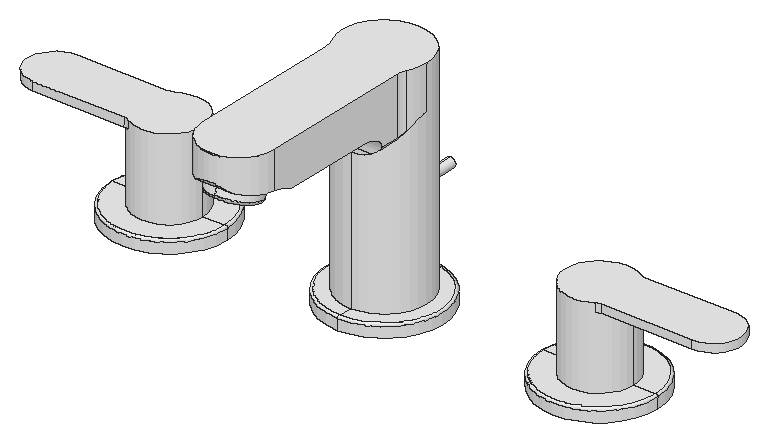
Revit family "Faucet-Lavatory-Grohe-Eurosmart_Cosmopolitan-2019900_Series", category Plumbing Fixtures, Revit 2014
Parameters (values of type "20199000")
  cUPC Compliant = yes
  Width = 3 1/2"  # constant formula
  Waste Connection = no
  Warranty Documentation Link = "https://cdn.cloud.grohe.com/tpi/1000/1900/1940/1949/1949006/original/1949006.pdf"
  WFU = 0
  Vent Connection = no
  URL = "http://www.grohe.com/ca-en/"
  Shipping Weight = 5.39 lbf
  Product Page URL = "https://www.grohe.com/ca-en/6436/bathroom/bathroom-faucets/eurosmart-cosmopolitan/product-details/?product=20199-G267&color=000&material=20199000"
  Price = "Prices may vary. Please consult Manufacturer Representative for most up-to-date price list."  # constant formula
  Model = "20199000"
  Material = "Metal-Grohe-000-Chrome"
  Manufacturer = "Grohe"
  Length = 8"
  Installation Type = "Deck-Mounted"
  Hot Water Connection Radius = 3/16"
  Hot Water Connection Diameter = 3/8"
  Height = 4 1/4"  # constant formula
  HWFU = 1.5
  HW Connection = yes
  Flow Rate = "1.5 gpm (5.7 L/min)"
  Finish = Metal-Grohe-000-Chrome
  Description = "Eurosmart Cosmopolitan 3-hole wash-basin mixer S-Size."
  Default Elevation = 0"
  Creation Date = "1/20/2017"  # constant formula
  Cold Water Connection Radius = 3/16"
  Cold Water Connection Diameter = Cold Water Connection Radius * 2  # 3/8"
  CalGreen Compliant = yes
  CWFU = 1.5
  CW Connection = yes
  Assembly Code = "D2020300"
  ADA Compliant = yes
Types (3): name | Product Page URL | Model | Material | Flow Rate | Finish
  (no name) | "https://www.grohe.com/ca-en/6436/bathroom/bathroom-faucets/eurosmart-cosmopolitan/product-details/?product=20199-G267&color=000&material=20199000" | "20199000" | "Metal-Grohe-000-Chrome" | "1.5 gpm (5.7 L/min)" | Metal-Grohe-000-Chrome
  20199000 | "https://www.grohe.com/ca-en/6436/bathroom/bathroom-faucets/eurosmart-cosmopolitan/product-details/?product=20199-G267&color=000&material=20199000" | "20199000" | "Metal-Grohe-000-Chrome" | "1.5 gpm (5.7 L/min)" | Metal-Grohe-000-Chrome
  2019900A | "https://www.grohe.com/ca-en/6436/bathroom/bathroom-faucets/eurosmart-cosmopolitan/product-details/?product=20199-G267&color=00A&material=2019900A" | "2019900A" | "Metal-Grohe-00A-Chrome" | "1.2 gpm (4.56 L/min)" | Metal-Grohe-00A-Chrome
Reference planes (in)
  plane 1 "Center (Front/Back)": y = 0
  plane 2: z = 0
  plane 3 "Center (Left/Right)": x = 0
  plane 4: x = 4
  plane 5: x = -4
  plane 6: x = -2.90625
  plane 7: x = -5.09375
  plane 8: x = 1.09375
  plane 9: x = -1.09375
  plane 10: z = 1.75
  plane 11: x = -6.625
  plane 12: x = -0.81909
  plane 13: x = 0.81909
  plane 14: x = 2.90625
  plane 15: x = 5.09375
  plane 16: x = 6.625
  plane 17: z = 2.8485
  plane 18: y = -3.5
  plane 19: z = 4.25
Forms (in)
  Revolve 1, solid, material "Metal-Grohe-000-Chrome" <- "Finish"
    sketch origin (0, 0, 0) x (1, 0, 0) y (0, 0, 1)
      loop
        line (-4, 0) -> (-2.91764, 0) -> (-2.91764, 0.19551)
        arc (-2.91764, 0.19551) -> (-2.92956, 0.2243) -> (-2.95835, 0.23622) r 0.04071
        line (-2.95835, 0.23622) -> (-3.37061, 0.23622) -> (-3.37061, 1.73826) -> (-4, 1.73826) -> (-4, 0)
      axis (-4, 1.73826) -> (-4, 0)
    angle from 0 to 360
  Extrusion 2, solid, material "Metal-Grohe-000-Chrome" <- "Finish"
    sketch origin (0, 0, 0) x (1, 0, 0) y (0, 1, 0)
      loop
        arc (-4.33753, -0.53124) -> (-3.37061, -0.00003) -> (-4.33747, 0.53127) r 0.62939
        arc (-4.33747, 0.53127) -> (-4.38171, 0.51128) -> (-4.42978, 0.50443) r 0.17215
        line (-4.42978, 0.50443) -> (-6.12036, 0.50443)
        arc (-6.12036, 0.50443) -> (-6.62479, 0) -> (-6.12036, -0.50443) r 0.50443
        line (-6.12036, -0.50443) -> (-4.4297, -0.50443)
        arc (-4.4297, -0.50443) -> (-4.3817, -0.51127) -> (-4.33753, -0.53124) r 0.17188
    from 1.58742 to 1.73826
  Extrusion 3, void
    sketch origin (0, 0, 0) x (1, 0, 0) y (0, 0, 1)
      loop
        arc (0.81909, 3.66749) -> (0, 2.8484) -> (-0.81909, 3.66749) r 0.81909
        line (-0.81909, 3.66749) -> (-0.81909, 2.57888) -> (0.81909, 2.57888) -> (0.81909, 3.66749)
    from 0 to 5.88021
  Sweep 4, solid, material "Metal-Grohe-000-Chrome" <- "Finish"
    path origin (0, -0.03125, 0.71875) x (0, 1, 0) y (0, 0, 1)
      loop
        line (1.57083, 0.92205) -> (1.05692, 0.92205)
        arc (1.05692, 0.92205) -> (0.97549, 0.89519) -> (0.92601, 0.82517) r 0.1369
        line (0.92601, 0.82517) -> (0.60027, -0.24025)
    profile origin (0, 1.28262, 1.6408) x (0, 0, -1) y (1, 0, 0)
      loop
        circle (0, 0) r 0.09054
  Extrusion 5, void
    sketch origin (0, 6.75, 0) x (0, 1, 0) y (0, 0, 1)
      loop
        line (-10.769, 4.25) -> (-6.75, 4.25) -> (-6.75, 4.55384) -> (-13.15693, 4.55384) -> (-13.15693, 2.78637) -> (-7.54609, 2.78637) -> (-7.54609, 2.95563)
        arc (-7.54609, 2.95563) -> (-7.68363, 3.28768) -> (-8.01568, 3.42522) r 0.46959
        line (-8.01568, 3.42522) -> (-9.71552, 3.42522)
        arc (-9.71552, 3.42522) -> (-9.88574, 3.5064) -> (-10.06829, 3.55372) r 0.9871
        arc (-10.06829, 3.55372) -> (-10.34331, 3.58898) -> (-10.61668, 3.63535) r 6.84363
        arc (-10.61668, 3.63535) -> (-10.7625, 3.72155) -> (-10.81989, 3.88093) r 0.25
        line (-10.81989, 3.88093) -> (-10.81989, 4.19911)
        arc (-10.81989, 4.19911) -> (-10.80498, 4.23509) -> (-10.769, 4.25) r 0.05089
    from -1.04996 to 1.17237
  Revolve 6, solid, material "Metal-Grohe-000-Chrome" <- "Finish"
    sketch origin (0, 6.75, 0) x (0, 1, 0) y (0, 0, 1)
      loop
        line (-5.96251, 0.23622) -> (-5.96251, 4.25) -> (-6.75, 4.25) -> (-6.75, 0) -> (-5.66722, 0) -> (-5.66722, 0.19551)
        arc (-5.66722, 0.19551) -> (-5.67915, 0.2243) -> (-5.70794, 0.23622) r 0.04071
        line (-5.70794, 0.23622) -> (-5.96251, 0.23622)
      axis (-6.75, 4.25) -> (-6.75, 0)
    angle from 0 to 360
  Extrusion 7, void
    sketch origin (0, 0, 0) x (1, 0, 0) y (0, 1, 0)
      loop
        arc (0.69873, -0.36319) -> (0, 0.78749) -> (-0.69873, -0.36319) r 0.78749
        arc (-0.69873, -0.36319) -> (-0.66691, -0.44787) -> (-0.65609, -0.53768) r 0.37834
        line (-0.65609, -0.53768) -> (-0.65609, -3.39215)
        arc (-0.65609, -3.39215) -> (0, -4.04824) -> (0.65609, -3.39215) r 0.65609
        line (0.65609, -3.39215) -> (0.65609, -0.53768)
        arc (0.65609, -0.53768) -> (0.66691, -0.44787) -> (0.69873, -0.36319) r 0.37834
      loop
        line (1.09375, -4.375) -> (1.09375, 1.14286) -> (-1.29524, 1.14286) -> (-1.29524, -4.375) -> (1.09375, -4.375)
    from 2.57888 to 4.55384
  Extrusion 8, solid, material "Metal-Grohe-000-Chrome" <- "Finish"
    sketch origin (0, 0, 0) x (1, 0, 0) y (0, 1, 0)
      loop
        line (-0.78749, 0) -> (-0.78749, -5.125) -> (0.78749, -5.125) -> (0.78749, 0) -> (-0.78749, 0)
    from 2.8485 to 4.25
  Revolve 9, solid, material "Metal-Grohe-000-Chrome" <- "Finish"
    sketch origin (0, 0, 0) x (-1, 0, 0) y (0, 0, 1)
      loop
        line (-4, 0) -> (-2.91764, 0) -> (-2.91764, 0.19551)
        arc (-2.91764, 0.19551) -> (-2.92956, 0.2243) -> (-2.95835, 0.23622) r 0.04071
        line (-2.95835, 0.23622) -> (-3.37061, 0.23622) -> (-3.37061, 1.73826) -> (-4, 1.73826) -> (-4, 0)
      axis (-4, 1.73826) -> (-4, 0)
    angle from 0 to 360
  Extrusion 10, solid, material "Metal-Grohe-000-Chrome" <- "Finish"
    sketch origin (0, 0, 0) x (-1, 0, 0) y (0, -1, 0)
      loop
        arc (-4.33753, 0.53124) -> (-4.3817, 0.51127) -> (-4.4297, 0.50443) r 0.17188
        line (-4.4297, 0.50443) -> (-6.12036, 0.50443)
        arc (-6.12036, 0.50443) -> (-6.62479, 0) -> (-6.12036, -0.50443) r 0.50443
        line (-6.12036, -0.50443) -> (-4.42978, -0.50443)
        arc (-4.42978, -0.50443) -> (-4.38171, -0.51128) -> (-4.33747, -0.53127) r 0.17215
        arc (-4.33747, -0.53127) -> (-3.37061, 0.00003) -> (-4.33753, 0.53124) r 0.62939
    from 1.58742 to 1.73826
  Revolve 11, solid, material "Metal-Grohe-000-Chrome" <- "Finish"
    sketch origin (0, 1.58594, 0.24219) x (0, 1, 0) y (0, 0, 1)
      loop
        line (-4.53734, 3.31126) -> (-4.98161, 3.44708) -> (-5.09178, 3.08674) -> (-4.7861, 2.98148) -> (-4.77696, 3.01137) -> (-4.74741, 3.00119) -> (-4.75655, 2.97131) -> (-4.69849, 2.95356)
        arc (-4.69849, 2.95356) -> (-4.66076, 2.95719) -> (-4.63665, 2.98644) r 0.04952
        line (-4.63665, 2.98644) -> (-4.53734, 3.31126)
      axis (-5.0954, 3.0749) -> (-4.98161, 3.44708)
    angle from 0 to 360
Cuts and joins
  Extrusion 3, Extrusion 5, Extrusion 7 cuts Extrusion 8
  joined: Revolve 1, Extrusion 2, Sweep 4, Revolve 6, Extrusion 8, Revolve 9, Extrusion 10, Revolve 11
Lines and regions (in)
  Masking region 1
    outline origin (0, 0, 0) x (1, 0, 0) y (0, 1, 0)
      loop
        arc (-4.95763, -0.50443) -> (-2.91764, 0) -> (-4.95763, 0.50443) r 1.08236
        line (-4.95763, 0.50443) -> (-6.12036, 0.50443)
        arc (-6.12036, 0.50443) -> (-6.62479, 0) -> (-6.12036, -0.50443) r 0.50443
        line (-6.12036, -0.50443) -> (-4.95763, -0.50443)
      loop
        line (0.65609, -3.39215) -> (0.65609, -0.87512)
        arc (0.65609, -0.87512) -> (1.05109, 0.3025) -> (0.09054, 1.09) r 1.09375
        line (0.09054, 1.09) -> (0.09054, 1.53958) -> (-0.09054, 1.53958) -> (-0.09054, 1.09)
        arc (-0.09054, 1.09) -> (-1.05109, 0.3025) -> (-0.65609, -0.87512) r 1.09375
        line (-0.65609, -0.87512) -> (-0.65609, -3.39215)
        arc (-0.65609, -3.39215) -> (0, -4.04824) -> (0.65609, -3.39215) r 0.65609
      loop
        line (4.95763, -0.50443) -> (6.12036, -0.50443)
        arc (6.12036, -0.50443) -> (6.62479, 0) -> (6.12036, 0.50443) r 0.50443
        line (6.12036, 0.50443) -> (4.95763, 0.50443)
        arc (4.95763, 0.50443) -> (2.91764, 0) -> (4.95763, -0.50443) r 1.08236
  symbolic lines, detail levels medium+fine
    curve 1: arc (-4.33747, -0.53127, 0) -> (-3.37061, 0, 0) -> (-4.33747, 0.53127, 0) r 0.62939
    curve 2: arc (-4.33747, 0.53127, 0) -> (-4.38171, 0.51128, 0) -> (-4.42978, 0.50443, 0) r 0.17215
    curve 3: line (-4.42978, 0.50443, 0) -> (-4.95763, 0.50443, 0)
    curve 4: arc (-4.33747, -0.53127, 0) -> (-4.38171, -0.51128, 0) -> (-4.42978, -0.50443, 0) r 0.17215
    curve 5: line (-4.42978, -0.50443, 0) -> (-4.95763, -0.50443, 0)
    curve 6: arc (4.33747, -0.53127, 0) -> (3.37061, 0, 0) -> (4.33747, 0.53127, 0) r 0.62939
    curve 7: arc (4.33747, 0.53127, 0) -> (4.38171, 0.51128, 0) -> (4.42978, 0.50443, 0) r 0.17215
    curve 8: line (4.42978, 0.50443, 0) -> (4.95763, 0.50443, 0)
    curve 9: arc (4.33747, -0.53127, 0) -> (4.38171, -0.51128, 0) -> (4.42978, -0.50443, 0) r 0.17215
    curve 10: line (4.42978, -0.50443, 0) -> (4.95763, -0.50443, 0)
    curve 11: arc (-0.65609, -0.53768, 0) -> (-0.66691, -0.44787, 0) -> (-0.69873, -0.36319, 0) r 0.37834
    curve 12: line (-0.65609, -0.87512, 0) -> (-0.65609, -0.53768, 0)
    curve 13: arc (-0.09054, 0.78227, 0) -> (-0.69553, 0.3693, 0) -> (-0.69873, -0.36319, 0) r 0.78749
    curve 14: line (-0.09054, 1.09, 0) -> (-0.09054, 0.78227, 0)
    curve 15: arc (0.65609, -0.53768, 0) -> (0.66691, -0.44787, 0) -> (0.69873, -0.36319, 0) r 0.37834
    curve 16: line (0.65609, -0.87512, 0) -> (0.65609, -0.53768, 0)
    curve 17: arc (0.09054, 0.78227, 0) -> (0.69553, 0.3693, 0) -> (0.69873, -0.36319, 0) r 0.78749
    curve 18: line (0.09054, 1.09, 0) -> (0.09054, 0.78227, 0)
  symbolic lines, detail levels fine
    curve 19: arc (-0.09054, 0.78227, 0) -> (0, 0.78749, 0) -> (0.09054, 0.78227, 0) r 0.78749
Dimensions and locks (in)
  "Length": plane 5 to plane 4
  locked: plane 7 to plane 6 at 2.1875
  plane 9 to plane 8 = 2 3/16"
  locked: plane 6 to plane 5 at 1.09375
  locked: plane 11 to plane 5 at 2.625
  locked: plane 15 to plane 14 at 2.1875
  locked: plane 4 to plane 14 at 1.09375
  locked: plane 16 to plane 4 at 2.625
  equal spacing: plane 5, plane 3 "Center (Left/Right)", plane 4
  "Width": plane 1 "Center (Front/Back)" to plane 18
  "Height": level to plane 19
  aligned and locked: plane 5 to Revolve 1 sketch curve  (x2)
  aligned and locked: Revolve 1 to Extrusion 2
  aligned and locked: Extrusion 5 sketch curve to plane 19
  aligned and locked: cut or joined group 1 (Revolve 1, Extrusion 2, Extrusion 3, Sweep 4, Extrusion 5, Revolve 6, Extrusion 7, Extrusion 8, Revolve 9, Extrusion 10, Revolve 11) to plane 19
Automatic sketch dimensions
  plane 1 "Center (Front/Back)" to Extrusion 2 sketch curve = 0"  (x2)
  Extrusion 2 sketch curve to plane 5 = 0"
  plane 5 to Extrusion 2 sketch curve = 55/128"
  plane 5 to Extrusion 2 sketch curve = 0.42978"
  Extrusion 2 sketch curve to plane 11 = 0.50464"
  plane 1 "Center (Front/Back)" to Extrusion 2 sketch curve = 0.50443"
  Extrusion 2 sketch curve to Extrusion 2 sketch curve = 11/64"
  Extrusion 2 sketch curve to Extrusion 2 sketch curve = 0.17215"
  Extrusion 2 sketch curve to Extrusion 2 sketch curve = 0"
  Extrusion 3 sketch curve to plane 12 = 0"
  Extrusion 3 sketch curve to plane 3 "Center (Left/Right)" = 0"
  plane 17 to Extrusion 3 sketch curve = 0.26962"
  Revolve 6 sketch curve to plane 1 "Center (Front/Back)" = 0"  (x2)
  Revolve 6 sketch curve to level = 0"
  Revolve 6 sketch curve to Revolve 6 sketch curve = 0.78749"
  Revolve 6 sketch curve to Revolve 6 sketch curve = 0.25458"
  Revolve 6 sketch curve to Revolve 6 sketch curve = 0.04071"
  Revolve 6 sketch curve to Revolve 6 sketch curve = 0.19551"
  Revolve 6 sketch curve to level = 0.17556"
  Revolve 6 sketch curve to Revolve 6 sketch curve = 1/4"
  Extrusion 7 sketch curve to plane 3 "Center (Left/Right)" = 0"  (x2)
  plane 1 "Center (Front/Back)" to Extrusion 7 sketch curve = 0"
  Extrusion 7 sketch curve to plane 8 = 0"
  plane 12 to Extrusion 7 sketch curve = 0.163"
  Extrusion 7 sketch curve to plane 9 = 0.05932"
  plane 9 to Extrusion 7 sketch curve = 0.20149"
  Extrusion 7 sketch curve to plane 8 = 0.05932"
  plane 1 "Center (Front/Back)" to Extrusion 7 sketch curve = 0.53768"  (x2)
  Extrusion 7 sketch curve to plane 18 = 0.10785"
  plane 18 to Extrusion 7 sketch curve = 7/8"
  Extrusion 7 sketch curve to plane 1 "Center (Front/Back)" = 1.14286"
  Extrusion 7 sketch curve to Extrusion 7 sketch curve = 0"
  plane 1 "Center (Front/Back)" to Extrusion 8 sketch curve = 0"
  plane 12 to Extrusion 8 sketch curve = 0.0316"
  plane 13 to Extrusion 8 sketch curve = 0.0316"
  plane 18 to Extrusion 8 sketch curve = 1 5/8"
  plane 1 "Center (Front/Back)" to Extrusion 10 sketch curve = 0"  (x2)
  Extrusion 10 sketch curve to plane 4 = 0"
  Extrusion 10 sketch curve to plane 4 = 55/128"
  Extrusion 10 sketch curve to plane 4 = 0.42978"
  plane 16 to Extrusion 10 sketch curve = 0.50464"
  Extrusion 10 sketch curve to plane 1 "Center (Front/Back)" = 0.50443"
  Extrusion 10 sketch curve to Extrusion 10 sketch curve = 11/64"
  Extrusion 10 sketch curve to Extrusion 10 sketch curve = 0.17215"
  Extrusion 10 sketch curve to Extrusion 10 sketch curve = 0"
  plane 18 to Revolve 11 sketch curve = 0.00584"
  Revolve 11 sketch curve to plane 18 = 0.10433"
  Revolve 11 sketch curve to plane 17 = 0.37517"
  Revolve 11 sketch curve to plane 18 = 0.29985"
  Revolve 11 sketch curve to Revolve 11 sketch curve = 0.00914"  (x2)
  Revolve 11 sketch curve to plane 17 = 0.36499"
  Revolve 11 sketch curve to Revolve 11 sketch curve = 0.02955"
  Revolve 11 sketch curve to plane 17 = 0.39488"
  Revolve 11 sketch curve to plane 17 = 0.34724"
  Revolve 11 sketch curve to Revolve 11 sketch curve = 0.01448"
  Revolve 11 sketch curve to plane 17 = 0.38012"
  Revolve 11 sketch curve to Revolve 11 sketch curve = 0.04736"
  Revolve 11 sketch curve to Revolve 11 sketch curve = 0.44427"
  Revolve 11 sketch curve to Revolve 11 sketch curve = 0.01017"
  Revolve 11 sketch curve to plane 17 = 0.48042"
  Revolve 11 sketch curve to plane 18 = 0.02508"
  Revolve 11 sketch curve to plane 18 = 0.04139"
  Revolve 11 sketch curve to Revolve 11 sketch curve = 0.10112"
  Revolve 11 sketch curve to Revolve 11 sketch curve = 0.05337"
  Extrusion 3 sketch curve to plane 17 = 0.81899"
  Revolve 6 sketch curve to plane 17 = 1.4015"
  Extrusion 5 sketch curve to plane 1 "Center (Front/Back)" = 0"
  plane 17 to Extrusion 5 sketch curve = 0.06213"
  plane 1 "Center (Front/Back)" to Extrusion 5 sketch curve = 0.79609"
  Extrusion 5 sketch curve to plane 17 = 0.10713"
  Extrusion 5 sketch curve to Extrusion 5 sketch curve = 0.46959"
  Extrusion 5 sketch curve to plane 18 = 0.91422"
  Extrusion 5 sketch curve to plane 18 = 0.53448"
  Extrusion 5 sketch curve to plane 18 = 0.02641"
  plane 18 to Extrusion 5 sketch curve = 0.31989"
  plane 19 to Extrusion 5 sketch curve = 0.05089"
  Extrusion 5 sketch curve to Extrusion 5 sketch curve = 0.19911"
  Extrusion 5 sketch curve to Extrusion 5 sketch curve = 2.33705"
  plane 17 to Extrusion 5 sketch curve = 0.26959"
  Extrusion 5 sketch curve to Extrusion 5 sketch curve = 0.31818"
  Extrusion 5 sketch curve to plane 19 = 0.30384"
  Extrusion 5 sketch curve to plane 19 = 6.10803"
  Extrusion 5 sketch curve to plane 18 = 0.18171"
  Masking region 1 sketch curve to Masking region 1 sketch curve = 0"  (x4)
  plane 1 "Center (Front/Back)" to Masking region 1 sketch curve = 0"  (x5)
  Masking region 1 sketch curve to plane 5 = 0"
  Masking region 1 sketch curve to plane 3 "Center (Left/Right)" = 0"  (x2)
  Masking region 1 sketch curve to plane 4 = 0"
  Masking region 1 sketch curve to plane 7 = 0.13612"
  Masking region 1 sketch curve to plane 11 = 0.50464"
  plane 12 to Masking region 1 sketch curve = 0.163"
  Masking region 1 sketch curve to plane 3 "Center (Left/Right)" = 0.09054"
  plane 3 "Center (Left/Right)" to Masking region 1 sketch curve = 0.09054"
  Masking region 1 sketch curve to plane 15 = 0.13612"
  Masking region 1 sketch curve to plane 16 = 0.50464"
  Masking region 1 sketch curve to Masking region 1 sketch curve = 0.50443"
  plane 1 "Center (Front/Back)" to Masking region 1 sketch curve = 0.50443"
  plane 1 "Center (Front/Back)" to Masking region 1 sketch curve = 0.87512"  (x2)
  Masking region 1 sketch curve to plane 18 = 0.10785"
  Masking region 1 sketch curve to Masking region 1 sketch curve = 0.44958"
  Revolve 1 sketch curve to level = 0"
  plane 10 to Revolve 1 sketch curve = 0.01174"
  Revolve 1 sketch curve to plane 6 = 0.46436"
  Revolve 1 sketch curve to plane 6 = 0.0521"
  Revolve 1 sketch curve to plane 6 = 0.01139"
  level to Revolve 1 sketch curve = 0.19551"
  Revolve 1 sketch curve to level = 0.33455"
  Revolve 1 sketch curve to Revolve 1 sketch curve = 0.41545"
  plane 10 to Sweep 4 sketch curve = 0.20608"
  Sweep 4 sketch curve to plane 1 "Center (Front/Back)" = 0.89476"
  Sweep 4 sketch curve to Sweep 4 sketch curve = 0.13092"
  Sweep 4 sketch curve to Sweep 4 sketch curve = 0.04003"
  Sweep 4 sketch curve to plane 1 "Center (Front/Back)" = 0.56902"
  Sweep 4 sketch curve to Sweep 4 sketch curve = 0.5139"
  level to Sweep 4 sketch curve = 0.4785"
  Sweep 4 sketch curve to plane 3 "Center (Left/Right)" = 0"
  Sweep 4 sketch curve to profile plane = 0"
  Revolve 9 sketch curve to plane 4 = 0"  (x2)
  Revolve 9 sketch curve to level = 0"
  Revolve 9 sketch curve to plane 10 = 0.01174"
  plane 14 to Revolve 9 sketch curve = 0.46436"
  plane 14 to Revolve 9 sketch curve = 0.0521"
  plane 14 to Revolve 9 sketch curve = 0.01139"
  Revolve 9 sketch curve to level = 0.19551"
  level to Revolve 9 sketch curve = 0.33455"
  Revolve 9 sketch curve to Revolve 9 sketch curve = 0.41545"
  curve 13 to curve 17 = 0"  (x2)
  curve 13 to curve 19 = 0"
  curve 17 to curve 19 = 0"
  plane 1 "Center (Front/Back)" to curve 1 = 0"
  curve 1 to plane 5 = 0"
  plane 1 "Center (Front/Back)" to curve 17 = 0"
  curve 17 to plane 3 "Center (Left/Right)" = 0"
  plane 1 "Center (Front/Back)" to curve 6 = 0"
  curve 6 to plane 4 = 0"
  plane 5 to curve 5 = 0.42978"
  plane 5 to curve 3 = 0.42978"
  curve 11 to plane 9 = 0.05932"
  plane 12 to curve 12 = 0.163"
  plane 3 "Center (Left/Right)" to curve 18 = 0.09054"
  plane 13 to curve 16 = 0.163"
  curve 15 to plane 8 = 0.05932"
  plane 4 to curve 9 = 0.42978"
  plane 4 to curve 7 = 0.42978"
  plane 1 "Center (Front/Back)" to curve 10 = 0.50443"
  plane 1 "Center (Front/Back)" to curve 5 = 0.50443"
  plane 1 "Center (Front/Back)" to curve 11 = 0.53768"
  plane 1 "Center (Front/Back)" to curve 15 = 0.53768"
  curve 4 to curve 4 = 0.17215"
  curve 9 to curve 9 = 0.17215"
  curve 8 to plane 1 "Center (Front/Back)" = 0.50443"
  curve 3 to plane 1 "Center (Front/Back)" = 0.50443"
  curve 7 to curve 7 = 0.17215"
  curve 2 to curve 2 = 0.17215"
  curve 14 to plane 1 "Center (Front/Back)" = 0.78227"
  curve 14 to curve 18 = 0"  (x2)
  curve 1 to curve 4 = 0"
  curve 5 to plane 7 = 0.13612"
  curve 3 to plane 7 = 0.13612"
  curve 6 to curve 9 = 0"
  curve 10 to plane 15 = 0.13612"
  curve 8 to plane 15 = 0.13612"
  curve 12 to curve 11 = 0.33743"
  curve 16 to curve 15 = 0.33743"
  curve 13 to curve 14 = 0.30773"
  radius of Sweep 4 sketch curve = 0.09054"
Connectors (in)
  piping at (-4, 0, 0), diameter 0.375, driven by "Cold Water Connection Diameter", driven by "HWFU"
    settings: on cut or joined group 1, index 1, connector inside diameter 24", connector length 0", flow factor 0, pipe flow 0 GPM, pressure drop 0.00 psi, fitting loss kfactor 0, connector angle 0.00°, fixture units 1.5, engagement length 0", angle of deflection 0.00°, flow configuration 3, flow direction 1, fitting loss method 0, system type 19, joint type 0, gender type 0, connector reference index -1, connector utility 0, adjustable connector no, is connector primary yes, connector description "3/8\" HW Inlet supply"
  piping at (4, 0, 0), diameter 0.375, driven by "Cold Water Connection Diameter", driven by "CWFU"
    settings: on cut or joined group 1, index 2, connector inside diameter 24", connector length 0", flow factor 0, pipe flow 0 GPM, pressure drop 0.00 psi, fitting loss kfactor 0, connector angle 0.00°, fixture units 1.5, engagement length 0", angle of deflection 0.00°, flow configuration 3, flow direction 1, fitting loss method 0, system type 20, joint type 0, gender type 0, connector reference index -1, connector utility 0, adjustable connector no, is connector primary no, connector description "3/8\" CW Inlet supply"
